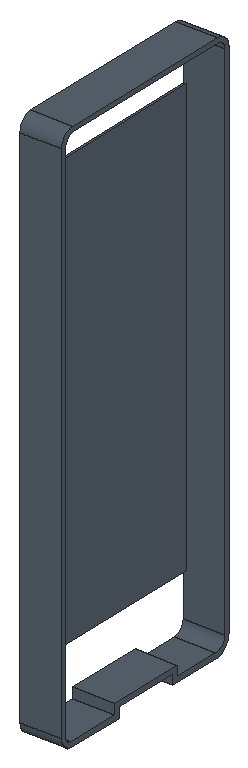
Revit family "Indre By 61117-S", category Meble, Revit 2021
Family settings
  Numer OmniClass = 23.40.20.00
  Tytuł OmniClass = General Furniture and Specialties
  Oparty na płaszczyźnie roboczej = Nie
  Zawsze pionowo = Tak
  Tnij formami wycięć po wczytaniu = Nie
  Współdzielony = Nie
  Punkt obliczania pomieszczeń = Nie
Parameters (values of type "61117-S")
  metal = Kobenhagen RAL 5011
  Width = "6 cm"
  Weight = "10 kg"
  URL = "https://kobenhagen.com/en_US/p/Indre-By-Bicycle-Stand-30-cm/218"
  Product line = "Indre By"
  Product Groups = "Bicycle Stands"
  Producent = "Lars Laj"
  Keynote = ""
  Opis = "Indre By Bicycle Stand 30 cm"
  Model = "61117-S"
  Material = "Powder coated steel"
  Maintenance = "We recommend to examine and tighten all screws and bolt clamps after a few weeks’ use. In order to prevent cracks and to extend the life of the wood, it is recommended that the wood details should be oiled every 3-5 years."
  Lenght = "30 cm"
  Type Comments = ""
  Kobenhagen Materials = "larslaj.com/bim"
  Hosted on larslaj.com = "https://larslaj.com/bim"
  Height = "80 cm"
  Domyślna rzędna = 0 mm
  Copyright = "All designs and drawings are the intellectual property of Lars Laj A/S and are protected by Danish and international copyright laws."
Reference planes
  plane 1 "front": y = 0
  plane 2: z = 0
  plane 3 "Środek (Lewa/Prawa)": x = 0
  plane 4 "back": y = 294.888
  plane 5: z = 705.918
Forms (mm)
  Extrusion 1, solid, material "Kobenhagen RAL 5011" <- "metal", not visible
    sketch origin (0, 0, 0) x (0, 1, 0) y (0, 0, 1)
      loop
        arc (71.187, 451.5) -> (57.045, 445.642) -> (51.187, 431.5) r 20
        line (51.187, 431.5) -> (51.187, 18.231)
        arc (51.187, 18.231) -> (56.527, 5.34) -> (69.418, 0) r 18.231
        line (69.418, 0) -> (153.638, 0) -> (153.638, 15) -> (448.638, 15) -> (448.638, 0) -> (527.023, 0)
        arc (527.023, 0) -> (542.307, 6.331) -> (548.638, 21.615) r 21.615
        line (548.638, 21.615) -> (548.638, 429.407)
        arc (548.638, 429.407) -> (542.168, 445.029) -> (526.545, 451.5) r 22.093
        line (526.545, 451.5) -> (71.187, 451.5)
    from 750.378 to 745
  Extrusion 2, solid, material "Kobenhagen RAL 5011" <- "metal", not visible
    sketch origin (0, 0, 0) x (0, 1, 0) y (0, 0, 1)
      loop
        line (548.638, 396.844) -> (629.375, 854.725) -> (601.836, 859.581)
        arc (601.836, 859.581) -> (585.224, 855.898) -> (576.082, 841.547) r 22.232
        line (576.082, 841.547) -> (507.306, 451.5) -> (526.545, 451.5)
        arc (526.545, 451.5) -> (542.168, 445.029) -> (548.638, 429.407) r 22.093
        line (548.638, 429.407) -> (548.638, 396.844)
    from 745 to 750.378
  Extrusion 3, solid, material "Kobenhagen Wood - Larch", not visible
    sketch origin (0, -896.088, 385.255) x (0, 1, 0) y (0, 0, 1)
      loop
        arc (244.222, 429.703) -> (240.686, 428.239) -> (239.222, 424.703) r 5
        line (239.222, 424.703) -> (239.222, 388.972)
        arc (239.222, 388.972) -> (239.796, 387.586) -> (241.182, 387.012) r 1.96
        line (241.182, 387.012) -> (327.222, 387.012)
        arc (327.222, 387.012) -> (328.636, 387.598) -> (329.222, 389.012) r 2
        line (329.222, 389.012) -> (329.222, 424.703)
        arc (329.222, 424.703) -> (327.757, 428.239) -> (324.222, 429.703) r 5
        line (324.222, 429.703) -> (244.222, 429.703)
    from -745.625 to 745.937
  Extrusion 4, solid, material "Kobenhagen Wood - Larch", not visible
    sketch origin (0, -998.538, 385.255) x (0, 1, 0) y (0, 0, 1)
      loop
        arc (252.671, 429.703) -> (249.136, 428.239) -> (247.671, 424.703) r 5
        line (247.671, 424.703) -> (247.671, 388.972)
        arc (247.671, 388.972) -> (248.245, 387.586) -> (249.631, 387.012) r 1.96
        line (249.631, 387.012) -> (335.671, 387.012)
        arc (335.671, 387.012) -> (337.085, 387.598) -> (337.671, 389.012) r 2
        line (337.671, 389.012) -> (337.671, 424.703)
        arc (337.671, 424.703) -> (336.207, 428.239) -> (332.671, 429.703) r 5
        line (332.671, 429.703) -> (252.671, 429.703)
    from -745.625 to 745.937
  Extrusion 5, solid, material "Kobenhagen Wood - Larch", not visible
    sketch origin (0, -1101.038, 385.255) x (0, 1, 0) y (0, 0, 1)
      loop
        arc (275.801, 429.704) -> (261.616, 423.828) -> (255.74, 409.642) r 20.061
        line (255.74, 409.642) -> (258.916, 409.642) -> (258.916, 387.013) -> (344.172, 387.013)
        arc (344.172, 387.013) -> (345.585, 387.598) -> (346.171, 389.012) r 1.999
        line (346.171, 389.012) -> (346.171, 424.706)
        arc (346.171, 424.706) -> (344.707, 428.24) -> (341.173, 429.704) r 4.998
        line (341.173, 429.704) -> (275.801, 429.704)
    from -745.625 to 745.937
  Extrusion 6, solid, material "Kobenhagen RAL 5011" <- "metal", not visible
    sketch origin (0, -896.058, 363.795) x (0, 1, 0) y (0, 0, 1)
      loop
        line (53.936, 431.102) -> (51.187, 431.102) -> (51.187, 407.787) -> (53.936, 407.787) -> (53.936, 431.102)
    from -745.625 to 745.937
  Extrusion 7, solid, material "Kobenhagen Wood - Larch", not visible
    sketch origin (0, 162.946, 385.255) x (0, -1, 0) y (0, 0, -1)
      loop
        line (275.801, -429.704) -> (342.815, -429.704)
        arc (342.815, -429.704) -> (346.349, -428.24) -> (347.813, -424.706) r 4.998
        line (347.813, -424.706) -> (347.813, -389.012)
        arc (347.813, -389.012) -> (347.227, -387.598) -> (345.813, -387.013) r 1.999
        line (345.813, -387.013) -> (258.705, -387.013) -> (258.705, -409.642) -> (255.74, -409.642)
        arc (255.74, -409.642) -> (261.616, -423.828) -> (275.801, -429.704) r 20.061
    from -745.625 to 745.938
  Extrusion 8, solid, material "Kobenhagen RAL 5011" <- "metal", not visible
    sketch origin (0, -41.823, 363.795) x (0, -1, 0) y (0, 0, -1)
      loop
        line (53.936, -431.102) -> (53.936, -407.787) -> (51.187, -407.787) -> (51.187, -431.102) -> (53.936, -431.102)
    from -745.625 to 745.938
  Extrusion 9, solid, material "Kobenhagen Wood - Larch", not visible
    sketch origin (0, -707.338, 385.255) x (0, 1, 0) y (0, 0, 1)
      loop
        arc (244.222, 429.703) -> (240.686, 428.239) -> (239.222, 424.703) r 5
        line (239.222, 424.703) -> (239.222, 388.972)
        arc (239.222, 388.972) -> (239.796, 387.586) -> (241.182, 387.012) r 1.96
        line (241.182, 387.012) -> (327.222, 387.012)
        arc (327.222, 387.012) -> (328.636, 387.598) -> (329.222, 389.012) r 2
        line (329.222, 389.012) -> (329.222, 424.703)
        arc (329.222, 424.703) -> (327.757, 428.239) -> (324.222, 429.703) r 5
        line (324.222, 429.703) -> (244.222, 429.703)
    from -745.625 to 745.937
  Extrusion 10, solid, material "Kobenhagen Wood - Larch", not visible
    sketch origin (0, -809.788, 385.255) x (0, 1, 0) y (0, 0, 1)
      loop
        arc (252.671, 429.703) -> (249.136, 428.239) -> (247.671, 424.703) r 5
        line (247.671, 424.703) -> (247.671, 388.972)
        arc (247.671, 388.972) -> (248.245, 387.586) -> (249.631, 387.012) r 1.96
        line (249.631, 387.012) -> (335.671, 387.012)
        arc (335.671, 387.012) -> (337.085, 387.598) -> (337.671, 389.012) r 2
        line (337.671, 389.012) -> (337.671, 424.703)
        arc (337.671, 424.703) -> (336.207, 428.239) -> (332.671, 429.703) r 5
        line (332.671, 429.703) -> (252.671, 429.703)
    from -745.625 to 745.937
  Extrusion 11, solid, material "Kobenhagen Wood - Larch", not visible
    sketch origin (0, -519.338, 385.255) x (0, 1, 0) y (0, 0, 1)
      loop
        arc (244.222, 429.703) -> (240.686, 428.239) -> (239.222, 424.703) r 5
        line (239.222, 424.703) -> (239.222, 388.972)
        arc (239.222, 388.972) -> (239.796, 387.586) -> (241.182, 387.012) r 1.96
        line (241.182, 387.012) -> (327.222, 387.012)
        arc (327.222, 387.012) -> (328.636, 387.598) -> (329.222, 389.012) r 2
        line (329.222, 389.012) -> (329.222, 424.703)
        arc (329.222, 424.703) -> (327.757, 428.239) -> (324.222, 429.703) r 5
        line (324.222, 429.703) -> (244.222, 429.703)
    from -745.625 to 745.937
  Extrusion 12, solid, material "Kobenhagen Wood - Larch", not visible
    sketch origin (0, -621.788, 385.255) x (0, 1, 0) y (0, 0, 1)
      loop
        arc (252.671, 429.703) -> (249.136, 428.239) -> (247.671, 424.703) r 5
        line (247.671, 424.703) -> (247.671, 388.972)
        arc (247.671, 388.972) -> (248.245, 387.586) -> (249.631, 387.012) r 1.96
        line (249.631, 387.012) -> (335.671, 387.012)
        arc (335.671, 387.012) -> (337.085, 387.598) -> (337.671, 389.012) r 2
        line (337.671, 389.012) -> (337.671, 424.703)
        arc (337.671, 424.703) -> (336.207, 428.239) -> (332.671, 429.703) r 5
        line (332.671, 429.703) -> (252.671, 429.703)
    from -745.625 to 745.937
  Extrusion 13, solid, material "Kobenhagen RAL 5011" <- "metal"
    sketch origin (870, -51.25, 0) x (0, -1, 0) y (0, 0, 1)
      loop
        line (-57.017, 714) -> (-346.138, 714) -> (-346.138, 86) -> (-57.017, 86) -> (-57.017, 714)
    from 890.131 to 893.125
  Extrusion 14, solid, material "Kobenhagen RAL 5011" <- "metal"
    sketch origin (870, -51.25, 0) x (0, 1, 0) y (0, 0, 1)
      loop
        line (351.138, 23.296) -> (351.138, 779.812)
        arc (351.138, 779.812) -> (345.281, 793.955) -> (331.138, 799.812) r 20
        line (331.138, 799.812) -> (71.187, 799.812)
        arc (71.187, 799.812) -> (57.045, 793.955) -> (51.187, 779.812) r 20
        line (51.187, 779.812) -> (51.187, 18.763)
        arc (51.187, 18.763) -> (56.683, 5.495) -> (69.95, 0) r 18.763
        line (69.95, 0) -> (153.638, 0) -> (153.638, 15) -> (251.138, 15) -> (251.138, 0) -> (327.842, 0)
        arc (327.842, 0) -> (344.315, 6.823) -> (351.138, 23.296) r 23.296
      loop
        arc (73.645, 793.812) -> (61.887, 788.942) -> (57.017, 777.184) r 16.628
        line (57.017, 777.184) -> (57.017, 18.763)
        arc (57.017, 18.763) -> (60.315, 10.799) -> (68.279, 7.5) r 11.263
        line (68.279, 7.5) -> (146.138, 7.5) -> (146.138, 22.5) -> (258.638, 22.5) -> (258.638, 7.5) -> (329.203, 7.5)
        arc (329.203, 7.5) -> (340.373, 12.127) -> (344.999, 23.296) r 15.796
        line (344.999, 23.296) -> (344.999, 780.419)
        arc (344.999, 780.419) -> (341.076, 789.89) -> (331.606, 793.812) r 13.394
        line (331.606, 793.812) -> (73.645, 793.812)
    from -893.125 to -833.125
Lines and regions (mm)
  model lines, style "9"
    curve 1: line (264.233, -99.489, 0) -> (264.233, -93.489, 0)
    curve 2: line (264.233, -399.489, 0) -> (264.233, -405.489, 0)
    curve 3: line (-304.767, -99.489, 0) -> (-304.767, -93.489, 0)
    curve 4: line (-304.767, -399.489, 0) -> (-304.767, -405.489, 0)
    curve 5: line (-281.767, -99.489, 0) -> (-281.767, -93.489, 0)
    curve 6: line (-281.767, -399.489, 0) -> (-281.767, -405.489, 0)
    curve 7: line (0, -245.5, 21) -> (0, -239.5, 21)
    curve 8: line (0, -445.5, 21) -> (0, -451.5, 21)
    curve 9: line (0, -194.867, 21.088) -> (0, -188.867, 21.088)
    curve 10: line (0, -744.867, 21.088) -> (0, -750.867, 21.088)
    curve 11: line (0, 199.767, 21) -> (0, 205.767, 21)
Dimensions and locks
  plane 4 "back" to plane 1 "front" = 294.888 mm
  Extrusion 3 sketch curve to Extrusion 3 sketch curve = 90 mm
  Extrusion 3 sketch curve to Extrusion 3 sketch curve = 42.691 mm
  Extrusion 4 sketch curve to Extrusion 4 sketch curve = 90 mm
  Extrusion 4 sketch curve to Extrusion 4 sketch curve = 42.691 mm
  Extrusion 5 sketch curve to Extrusion 5 sketch curve = 42.691 mm
  Extrusion 7 sketch curve to Extrusion 7 sketch curve = 42.691 mm
  Extrusion 9 sketch curve to Extrusion 9 sketch curve = 90 mm
  Extrusion 9 sketch curve to Extrusion 9 sketch curve = 42.691 mm
  Extrusion 10 sketch curve to Extrusion 10 sketch curve = 90 mm
  Extrusion 10 sketch curve to Extrusion 10 sketch curve = 42.691 mm
  Extrusion 11 sketch curve to Extrusion 11 sketch curve = 90 mm
  Extrusion 11 sketch curve to Extrusion 11 sketch curve = 42.691 mm
  Extrusion 12 sketch curve to Extrusion 12 sketch curve = 90 mm
  Extrusion 12 sketch curve to Extrusion 12 sketch curve = 42.691 mm
  Extrusion 14 sketch curve to Extrusion 13 = 294.122 mm
  aligned and locked: level to plane 2
